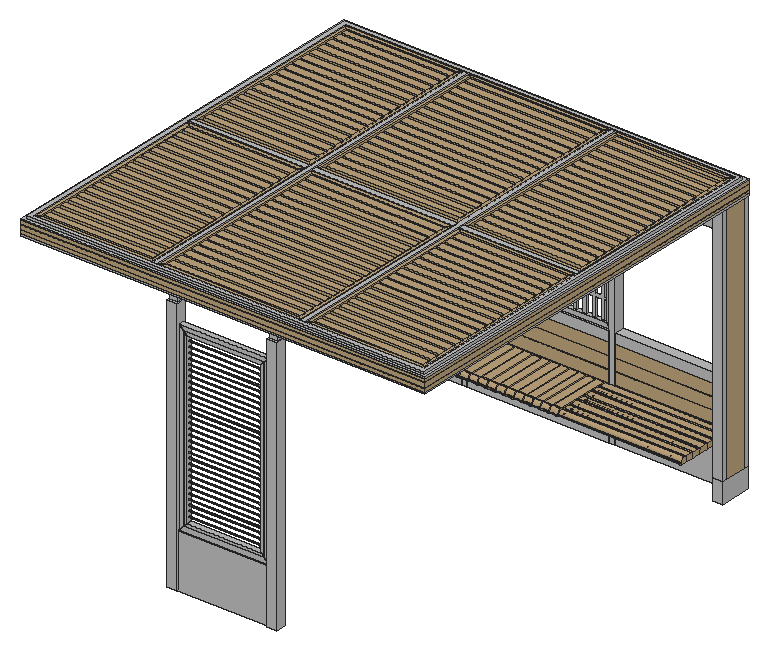
Revit family "L-FUR_파고라_DWP-N501_데오스웍스", category 일반 모델, Revit 2021 (continued)
Definition of nested family "DWP-N501_base"
  Forms (mm)
    Extrusion 86, solid, detail levels fine
      sketch origin (0, 0, 0) x (1, 0, 0) y (0, 1, 0)
        loop
          line (1334.788, 2484.835) -> (1334.788, 2412.617) -> (2664.022, 2412.617) -> (2664.022, 2484.835) -> (1334.788, 2484.835)
        loop
          line (1334.788, 2685.84) -> (1334.788, 2613.622) -> (2664.022, 2613.622) -> (2664.022, 2685.84) -> (1334.788, 2685.84)
        loop
          line (1334.788, 2886.845) -> (1334.788, 2814.627) -> (2664.022, 2814.627) -> (2664.022, 2886.845) -> (1334.788, 2886.845)
        loop
          line (1334.788, 2786.343) -> (1334.788, 2714.124) -> (2664.022, 2714.124) -> (2664.022, 2786.343) -> (1334.788, 2786.343)
        loop
          line (1334.788, 2987.348) -> (1334.788, 2915.129) -> (2664.022, 2915.129) -> (2664.022, 2987.348) -> (1334.788, 2987.348)
        loop
          line (1334.788, 3188.353) -> (1334.788, 3116.134) -> (2664.022, 3116.134) -> (2664.022, 3188.353) -> (1334.788, 3188.353)
        loop
          line (1334.788, 3087.85) -> (1334.788, 3015.632) -> (2664.022, 3015.632) -> (2664.022, 3087.85) -> (1334.788, 3087.85)
        loop
          line (1334.788, 3288.855) -> (1334.788, 3216.637) -> (2664.022, 3216.637) -> (2664.022, 3288.855) -> (1334.788, 3288.855)
        loop
          line (1334.788, 3489.86) -> (1334.788, 3417.642) -> (2664.022, 3417.642) -> (2664.022, 3489.86) -> (1334.788, 3489.86)
        loop
          line (1334.788, 3389.358) -> (1334.788, 3317.139) -> (2664.022, 3317.139) -> (2664.022, 3389.358) -> (1334.788, 3389.358)
        loop
          line (1334.788, 3590.363) -> (1334.788, 3518.144) -> (2664.022, 3518.144) -> (2664.022, 3590.363) -> (1334.788, 3590.363)
        loop
          line (1334.788, 3791.368) -> (1334.788, 3719.15) -> (2664.022, 3719.15) -> (2664.022, 3791.368) -> (1334.788, 3791.368)
        loop
          line (1334.788, 3690.865) -> (1334.788, 3618.647) -> (2664.022, 3618.647) -> (2664.022, 3690.865) -> (1334.788, 3690.865)
        loop
          line (1334.788, 3871.87) -> (1334.788, 3819.652) -> (2664.022, 3819.652) -> (2664.022, 3871.87) -> (1334.788, 3871.87)
        loop
          line (115, 2283.83) -> (115, 2211.612) -> (1205.13, 2211.612) -> (1205.13, 2283.83) -> (115, 2283.83)
        loop
          line (115, 2183.327) -> (115, 2111.109) -> (1205.13, 2111.109) -> (1205.13, 2183.327) -> (115, 2183.327)
        loop
          line (115, 2384.332) -> (115, 2312.114) -> (1205.13, 2312.114) -> (1205.13, 2384.332) -> (115, 2384.332)
        loop
          line (115, 2585.337) -> (115, 2513.119) -> (1205.13, 2513.119) -> (1205.13, 2585.337) -> (115, 2585.337)
        loop
          line (115, 2484.835) -> (115, 2412.617) -> (1205.13, 2412.617) -> (1205.13, 2484.835) -> (115, 2484.835)
        loop
          line (115, 2685.84) -> (115, 2613.622) -> (1205.13, 2613.622) -> (1205.13, 2685.84) -> (115, 2685.84)
        loop
          line (115, 2886.845) -> (115, 2814.627) -> (1205.13, 2814.627) -> (1205.13, 2886.845) -> (115, 2886.845)
        loop
          line (115, 2786.343) -> (115, 2714.124) -> (1205.13, 2714.124) -> (1205.13, 2786.343) -> (115, 2786.343)
        loop
          line (115, 2987.348) -> (115, 2915.129) -> (1205.13, 2915.129) -> (1205.13, 2987.348) -> (115, 2987.348)
        loop
          line (115, 3188.353) -> (115, 3116.134) -> (1205.13, 3116.134) -> (1205.13, 3188.353) -> (115, 3188.353)
        loop
          line (115, 3087.85) -> (115, 3015.632) -> (1205.13, 3015.632) -> (1205.13, 3087.85) -> (115, 3087.85)
        loop
          line (115, 3288.855) -> (115, 3216.637) -> (1205.13, 3216.637) -> (1205.13, 3288.855) -> (115, 3288.855)
        loop
          line (115, 3489.86) -> (115, 3417.642) -> (1205.13, 3417.642) -> (1205.13, 3489.86) -> (115, 3489.86)
        loop
          line (115, 3389.358) -> (115, 3317.139) -> (1205.13, 3317.139) -> (1205.13, 3389.358) -> (115, 3389.358)
        loop
          line (115, 3590.363) -> (115, 3518.144) -> (1205.13, 3518.144) -> (1205.13, 3590.363) -> (115, 3590.363)
        loop
          line (115, 3791.368) -> (115, 3719.15) -> (1205.13, 3719.15) -> (1205.13, 3791.368) -> (115, 3791.368)
        loop
          line (115, 3690.865) -> (115, 3618.647) -> (1205.13, 3618.647) -> (1205.13, 3690.865) -> (115, 3690.865)
        loop
          line (115, 3871.87) -> (115, 3819.652) -> (1205.13, 3819.652) -> (1205.13, 3871.87) -> (115, 3871.87)
      from 2690 to 2760
    Extrusion 87, solid, detail levels coarse+medium
      sketch origin (0, 0, 0) x (1, 0, 0) y (0, 1, 0)
        loop
          line (2446.114, 85) -> (2446.114, -15) -> (2546.007, -15) -> (2546.007, 85) -> (2446.114, 85)
      from 0 to 2600
    Extrusion 88, solid, detail levels coarse+medium
      sketch origin (1.179, 0, 10) x (1, 0, 0) y (0, 0, 1)
        loop
          line (1555.065, 520.129) -> (2444.935, 520.129) -> (2444.935, 2350) -> (1555.065, 2350) -> (1555.065, 520.129)
        loop
          line (2362.618, 604.977) -> (2362.618, 2270) -> (1635.065, 2270) -> (1635.065, 604.977) -> (2362.618, 604.977)
      from -60 to -15
    Extrusion 89, solid, detail levels coarse+medium
      sketch origin (0, 0, 0) x (1, 0, 0) y (0, 0, 1)
        loop
          line (1556.244, 530.129) -> (1556.244, 0) -> (2446.114, 0) -> (2446.114, 530.129) -> (1556.244, 530.129)
      from -75 to 0
    Extrusion 90, solid, detail levels coarse+medium
      sketch origin (-987.407, 0, 0) x (1, 0, 0) y (0, 1, 0)
        loop
          line (2443.756, 85) -> (2443.756, -15) -> (2543.65, -15) -> (2543.65, 85) -> (2443.756, 85)
      from 0 to 2600
    Extrusion 91, solid, detail levels coarse+medium
      sketch origin (0, 0, 0) x (1, 0, 0) y (0, 0, 1)
        loop
          line (2705.171, 2257.667) -> (1294.739, 2257.667) -> (1339.739, 2212.667) -> (2660.171, 2212.667) -> (2705.171, 2257.667)
        loop
          line (1294.739, 990.129) -> (2705.171, 990.129) -> (2660.171, 1035.129) -> (1339.739, 1035.129) -> (1294.739, 990.129)
      from -3975 to -3925
    Extrusion 92, solid, detail levels coarse+medium
      sketch origin (0, 0, 0) x (1, 0, 0) y (0, 0, 1)
        loop
          line (1339.739, 2212.667) -> (1294.739, 2257.667) -> (1294.739, 990.129) -> (1339.739, 1035.129) -> (1339.739, 2212.667)
        loop
          line (2705.171, 990.129) -> (2705.171, 2257.667) -> (2660.171, 2212.667) -> (2660.171, 1035.129) -> (2705.171, 990.129)
      from -3975 to -3925
    Extrusion 93, solid, detail levels coarse+medium
      sketch origin (0, 0, 0) x (1, 0, 0) y (0, 0, 1)
        loop
          line (1294.748, 2600) -> (1247.212, 2600) -> (1247.142, 0) -> (1294.678, 0) -> (1294.748, 2600)
        loop
          line (2754.979, 2600) -> (2705.206, 2600) -> (2705.136, 0) -> (2754.91, 0) -> (2754.979, 2600)
      from -4000 to -3900
    Extrusion 94, solid, detail levels coarse+medium
      sketch origin (0, 0, 0) x (1, 0, 0) y (0, 0, 1)
        loop
          line (1247.206, 2359) -> (100, 2359) -> (100, 2258.667) -> (1247.206, 2258.667) -> (1247.206, 2359)
        loop
          line (2705.165, 2359) -> (1294.739, 2359) -> (1294.739, 2258.667) -> (2705.165, 2258.667) -> (2705.165, 2359)
        loop
          line (2754.973, 2359) -> (2754.97, 2258.667) -> (3900, 2258.667) -> (3900, 2359) -> (2754.973, 2359)
        loop
          line (2754.933, 890.129) -> (3900, 890.129) -> (3900, 989.129) -> (2754.936, 989.129) -> (2754.933, 890.129)
        loop
          line (2705.16, 890.129) -> (2705.163, 989.129) -> (1294.705, 989.129) -> (1294.702, 890.129) -> (2705.16, 890.129)
        loop
          line (1247.166, 890.129) -> (1247.169, 989.129) -> (100, 989.129) -> (100, 890.129) -> (1247.166, 890.129)
      from -4000 to -3900
    Extrusion 95, solid, detail levels coarse+medium
      sketch origin (0, 0, 0) x (1, 0, 0) y (0, 0, 1)
        loop
          line (3900, 890.129) -> (2754.93, 890.129) -> (2754.93, 530.129) -> (3900, 530.129) -> (3900, 890.129)
        loop
          line (2705.16, 890.129) -> (1294.699, 890.129) -> (1294.699, 530.129) -> (2705.16, 530.129) -> (2705.16, 890.129)
        loop
          line (100, 890.129) -> (100, 530.129) -> (1247.163, 530.129) -> (1247.163, 890.129) -> (100, 890.129)
      from -3940 to -3900
    Extrusion 96, solid, detail levels coarse+medium
      sketch origin (0, 0, 1709.871) x (1, 0, 0) y (0, 0, 1)
        loop
          line (3900, 890.129) -> (2754.93, 890.129) -> (2754.93, 651.129) -> (3900, 651.129) -> (3900, 890.129)
        loop
          line (2705.16, 890.129) -> (1294.699, 890.129) -> (1294.699, 651.129) -> (2705.16, 651.129) -> (2705.16, 890.129)
        loop
          line (100, 890.129) -> (100, 651.129) -> (1247.163, 651.129) -> (1247.163, 890.129) -> (100, 890.129)
      from -3960 to -3900
    Extrusion 97, solid, detail levels coarse+medium
      sketch origin (0, 0, 0) x (1, 0, 0) y (0, 0, 1)
        loop
          line (3900, 530.129) -> (2754.91, 530.129) -> (2754.91, 0) -> (3900, 0) -> (3900, 530.129)
        loop
          line (2705.16, 530.129) -> (1294.678, 530.129) -> (1294.678, 0) -> (2705.16, 0) -> (2705.16, 530.129)
        loop
          line (1247.163, 530.129) -> (100, 530.129) -> (100, 0) -> (1247.163, 0) -> (1247.163, 530.129)
      from -4000 to -3900
    Extrusion 98, solid, detail levels coarse+medium
      sketch origin (0, 0, 0) x (1, 0, 0) y (0, 1, 0)
        loop
          line (2754.022, 75) -> (2754.022, 3925) -> (2704.022, 3925) -> (2704.022, 75) -> (2754.022, 75)
        loop
          line (1245.13, 3925) -> (1245.13, 75) -> (1294.788, 75) -> (1294.788, 3925) -> (1245.13, 3925)
      from 2670 to 2770
    Extrusion 99, solid, detail levels coarse+medium
      sketch origin (0, 0, 0) x (1, 0, 0) y (0, 1, 0)
        loop
          line (75, 2025) -> (75, 1975) -> (1245.13, 1975) -> (1245.13, 2025) -> (75, 2025)
        loop
          line (1294.788, 2025) -> (1294.788, 1975) -> (2704.022, 1975) -> (2704.022, 2025) -> (1294.788, 2025)
        loop
          line (2754.022, 2025) -> (2754.022, 1975) -> (3925.171, 1975) -> (3925.171, 2025) -> (2754.022, 2025)
      from 2670 to 2770
    Extrusion 100, solid, detail levels coarse+medium
      sketch origin (0, 0, 0) x (1, 0, 0) y (0, 1, 0)
        loop
          line (115, 3885) -> (1205.13, 3885) -> (1245.13, 3925) -> (75, 3925) -> (115, 3885)
        loop
          line (1334.788, 3885) -> (2664.022, 3885) -> (2704.022, 3925) -> (1294.788, 3925) -> (1334.788, 3885)
        loop
          line (2754.022, 3925) -> (2794.022, 3885) -> (3884.152, 3885) -> (3924.152, 3925) -> (2754.022, 3925)
        loop
          line (115, 2065) -> (75, 2025) -> (1245.13, 2025) -> (1205.13, 2065) -> (115, 2065)
        loop
          line (1334.788, 2065) -> (1294.788, 2025) -> (2704.022, 2025) -> (2664.022, 2065) -> (1334.788, 2065)
        loop
          line (2754.022, 2025) -> (3924.152, 2025) -> (3884.152, 2065) -> (2794.022, 2065) -> (2754.022, 2025)
        loop
          line (115, 1935) -> (1205.13, 1935) -> (1245.13, 1975) -> (75, 1975) -> (115, 1935)
        loop
          line (1294.788, 1975) -> (1334.788, 1935) -> (2664.022, 1935) -> (2704.022, 1975) -> (1294.788, 1975)
        loop
          line (2794.022, 1935) -> (3884.152, 1935) -> (3924.152, 1975) -> (2754.022, 1975) -> (2794.022, 1935)
        loop
          line (115, 115) -> (75, 75) -> (1245.13, 75) -> (1205.13, 115) -> (115, 115)
        loop
          line (1294.788, 75) -> (2704.022, 75) -> (2664.022, 115) -> (1334.788, 115) -> (1294.788, 75)
        loop
          line (2794.022, 115) -> (2754.022, 75) -> (3924.152, 75) -> (3884.152, 115) -> (2794.022, 115)
      from 2685 to 2765
    Extrusion 101, solid, detail levels coarse+medium
      sketch origin (0, 0, 0) x (1, 0, 0) y (0, 1, 0)
        loop
          line (75, 3925) -> (75, 2025) -> (115, 2065) -> (115, 3885) -> (75, 3925)
        loop
          line (1205.13, 3885) -> (1205.13, 2768.417) -> (1205.13, 2065) -> (1245.13, 2025) -> (1245.13, 3925) -> (1205.13, 3885)
        loop
          line (1334.788, 3885) -> (1294.788, 3925) -> (1294.788, 2025) -> (1334.788, 2065) -> (1334.788, 3885)
        loop
          line (2664.022, 3885) -> (2664.022, 2065) -> (2704.022, 2025) -> (2704.022, 3925) -> (2664.022, 3885)
        loop
          line (2754.022, 2025) -> (2794.022, 2065) -> (2794.022, 3885) -> (2754.022, 3925) -> (2754.022, 2025)
        loop
          line (3884.152, 3885) -> (3884.152, 2065) -> (3925, 2024.152) -> (3925, 3925) -> (3924.152, 3925) -> (3884.152, 3885)
        loop
          line (75, 1975) -> (75, 75) -> (115, 115) -> (115, 1935) -> (75, 1975)
        loop
          line (1205.13, 1935) -> (1205.13, 115) -> (1245.13, 75) -> (1245.13, 1975) -> (1205.13, 1935)
        loop
          line (1294.788, 75) -> (1334.788, 115) -> (1334.788, 1935) -> (1294.788, 1975) -> (1294.788, 75)
        loop
          line (2664.022, 1935) -> (2664.022, 115) -> (2704.022, 75) -> (2704.022, 1975) -> (2664.022, 1935)
        loop
          line (2754.022, 75) -> (2794.022, 115) -> (2794.022, 1935) -> (2754.022, 1975) -> (2754.022, 75)
        loop
          line (3884.152, 1935) -> (3884.152, 115) -> (3925, 74.152) -> (3925, 1975.848) -> (3884.152, 1935)
      from 2685 to 2765
    Extrusion 102, solid, detail levels coarse+medium
      sketch origin (0, -15, 0) x (1, 0, 0) y (0, 1, 0)
        loop
          line (0, 4015) -> (0, 15) -> (4000, 15) -> (4000, 4015) -> (0, 4015)
        loop
          line (3965, 50) -> (3965, 3980) -> (35, 3980) -> (35, 50) -> (3965, 50)
      from 2600 to 2612.5
    Extrusion 103, solid, detail levels coarse+medium
      sketch origin (0, 0, 0) x (0, 1, 0) y (0, 0, 1)
        loop
          line (3900, 525) -> (3367.869, 525) -> (3320, 525) -> (3320, 475) -> (3900, 475) -> (3900, 525)
      from 3884.152 to 100
    Extrusion 104, solid, detail levels coarse+medium
      sketch origin (0, 0, 0) x (1, 0, 0) y (0, 0, 1)
        loop
          line (0, 200) -> (100, 200) -> (100, 2600) -> (0, 2600) -> (0, 200)
      from -3685 to -3725
    Extrusion 105, solid, detail levels coarse+medium
      sketch origin (0, 0, 0) x (1, 0, 0) y (0, 0, 1)
        loop
          line (0, 200) -> (100, 200) -> (100, 2612.5) -> (0, 2612.5) -> (0, 200)
      from -3960 to -4000
    Extrusion 106, solid, detail levels coarse+medium
      sketch origin (0, 0, 0) x (1, 0, 0) y (0, 0, 1)
        loop
          line (0, 200) -> (100, 200) -> (100, 2600) -> (0, 2600) -> (0, 200)
      from -3725 to -3960
    Extrusion 107, solid, detail levels coarse+medium
      sketch origin (0, 0, 0) x (0, 1, 0) y (0, 0, 1)
        loop
          line (3685, 200) -> (3685, 0) -> (4000, 0) -> (4000, 200) -> (3685, 200)
      from 100 to 0
    Extrusion 108, solid, detail levels coarse+medium
      sketch origin (3900, 0, 0) x (1, 0, 0) y (0, 0, 1)
        loop
          line (0, 200) -> (100, 200) -> (100, 2600) -> (0, 2600) -> (0, 200)
      from -3685 to -3725
    Extrusion 109, solid, detail levels coarse+medium
      sketch origin (3900, 0, 0) x (1, 0, 0) y (0, 0, 1)
        loop
          line (0, 200) -> (100, 200) -> (100, 2612.5) -> (0, 2612.5) -> (0, 200)
      from -3960 to -4000
    Extrusion 110, solid, detail levels coarse+medium
      sketch origin (3900, 0, 0) x (1, 0, 0) y (0, 0, 1)
        loop
          line (0, 200) -> (100, 200) -> (100, 2600) -> (0, 2600) -> (0, 200)
      from -3725 to -3960
    Extrusion 111, solid, detail levels coarse+medium
      sketch origin (3900, 0, 0) x (0, 1, 0) y (0, 0, 1)
        loop
          line (3685, 200) -> (3685, 0) -> (4000, 0) -> (4000, 200) -> (3685, 200)
      from 100 to 0
    Extrusion 112, solid, detail levels coarse+medium
      sketch origin (0, -15, 0) x (1, 0, 0) y (0, 1, 0)
        loop
          line (35, 3980) -> (35, 49.152) -> (3965, 49.152) -> (3965, 3980) -> (35, 3980)
        loop
          line (3925, 89.152) -> (3925, 3940) -> (75, 3940) -> (75, 89.152) -> (3925, 89.152)
      from 2612.5 to 2770
    Extrusion 113, solid, detail levels coarse+medium
      sketch origin (0, 0, 0) x (1, 0, 0) y (0, 1, 0)
        loop
          line (4000, 0) -> (4000, 4000) -> (0, 4000) -> (0, 0) -> (4000, 0)
        loop
          line (35, 35) -> (3965, 35) -> (3965, 3965) -> (35, 3965) -> (35, 35)
      from 2737.5 to 2612.5
    Extrusion 114, solid, detail levels coarse+medium
      sketch origin (0, 0, 0) x (1, 0, 0) y (0, 1, 0)
        loop
          line (0, 4000) -> (0, 0) -> (4000, 0) -> (4000, 4000) -> (0, 4000)
        loop
          line (35, 3965) -> (35, 35) -> (3965, 35) -> (3965, 3965) -> (35, 3965)
      from 2750 to 2737.5
    Extrusion 115, solid, detail levels coarse+medium
      sketch origin (0, 0, 0) x (1, 0, 0) y (0, 1, 0)
        loop
          line (3884.152, 138.388) -> (3884.152, 1919.15) -> (2794.022, 1919.15) -> (2794.022, 138.388) -> (3884.152, 138.388)
        loop
          line (2664.022, 138.388) -> (2664.022, 1919.15) -> (1334.788, 1919.15) -> (1334.788, 138.388) -> (2664.022, 138.388)
        loop
          line (115, 138.388) -> (1205.13, 138.388) -> (1205.13, 1919.15) -> (115, 1919.15) -> (115, 138.388)
        loop
          line (3884.152, 2111.109) -> (3884.152, 3871.87) -> (2794.022, 3871.87) -> (2794.022, 2111.109) -> (3884.152, 2111.109)
        loop
          line (2664.022, 2111.109) -> (2664.022, 3871.87) -> (1334.788, 3871.87) -> (1334.788, 2111.109) -> (2664.022, 2111.109)
        loop
          line (1205.13, 2111.109) -> (1205.13, 3871.87) -> (115, 3871.87) -> (115, 2111.109) -> (1205.13, 2111.109)
      from 2690 to 2760
  Lines and regions (mm)
    sketch lines
      curve 1: line (2363.797, 35.732, 2228) -> (1636.244, 35.732, 2228)
      curve 2: line (2363.797, 35.732, 2176) -> (1636.244, 35.732, 2176)
      curve 3: line (2363.797, 35.732, 2124) -> (1636.244, 35.732, 2124)
      curve 4: line (2363.797, 35.732, 2072) -> (1636.244, 35.732, 2072)
      curve 5: line (2363.797, 35.732, 2020) -> (1636.244, 35.732, 2020)
      curve 6: line (2363.797, 35.732, 1968) -> (1636.244, 35.732, 1968)
      curve 7: line (2363.797, 35.732, 1916) -> (1636.244, 35.732, 1916)
      curve 8: line (2363.797, 35.732, 1864) -> (1636.244, 35.732, 1864)
      curve 9: line (2363.797, 35.732, 1812) -> (1636.244, 35.732, 1812)
      curve 10: line (2363.797, 35.732, 1760) -> (1636.244, 35.732, 1760)
      curve 11: line (2363.797, 35.732, 1708) -> (1636.244, 35.732, 1708)
      curve 12: line (2363.797, 35.732, 1656) -> (1636.244, 35.732, 1656)
      curve 13: line (2363.797, 35.732, 1604) -> (1636.244, 35.732, 1604)
      curve 14: line (2363.797, 35.732, 1552) -> (1636.244, 35.732, 1552)
      curve 15: line (2363.797, 35.732, 1500) -> (1636.244, 35.732, 1500)
      curve 16: line (2363.797, 35.732, 1448) -> (1636.244, 35.732, 1448)
      curve 17: line (2363.797, 35.732, 1396) -> (1636.244, 35.732, 1396)
      curve 18: line (2363.797, 35.732, 1344) -> (1636.244, 35.732, 1344)
      curve 19: line (2363.797, 35.732, 1292) -> (1636.244, 35.732, 1292)
      curve 20: line (2363.797, 35.732, 1240) -> (1636.244, 35.732, 1240)
      curve 21: line (2363.797, 35.732, 1188) -> (1636.244, 35.732, 1188)
      curve 22: line (2363.797, 35.732, 1136) -> (1636.244, 35.732, 1136)
      curve 23: line (2363.797, 35.732, 1084) -> (1636.244, 35.732, 1084)
      curve 24: line (2363.797, 35.732, 1032) -> (1636.244, 35.732, 1032)
      curve 25: line (2363.797, 35.732, 980) -> (1636.244, 35.732, 980)
      curve 26: line (2363.797, 35.732, 927.348) -> (1636.244, 35.732, 927.348)
      curve 27: line (2363.797, 35.732, 875.348) -> (1636.244, 35.732, 875.348)
      curve 28: line (2363.797, 35.732, 823.348) -> (1636.244, 35.732, 823.348)
      curve 29: line (2363.797, 35.732, 771.348) -> (1636.244, 35.732, 771.348)
      curve 30: line (2363.797, 35.732, 719.348) -> (1636.244, 35.732, 719.348)
      curve 31: line (2363.797, 35.732, 667.348) -> (1636.244, 35.732, 667.348)
  Dimensions and locks
    Extrusion 74 to Extrusion 75 = 2400 mm
    Extrusion 55 to Extrusion 85 = 4000 mm
    aligned and locked: level to plane 2
